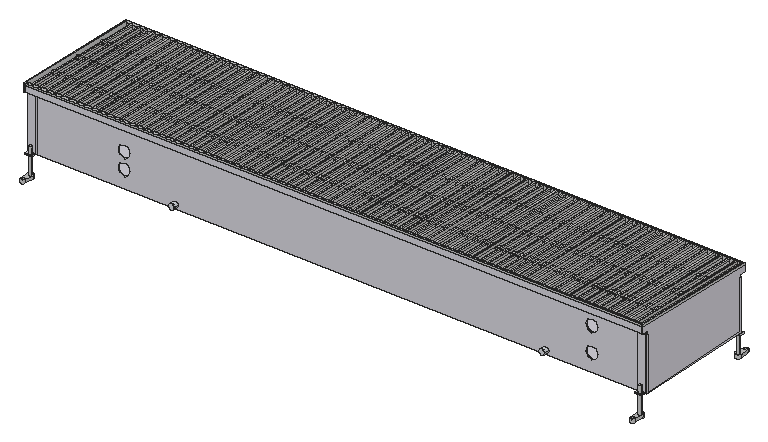
Revit family "CFP-ECM 4T", category Attrezzatura meccanica, Revit 2017
Family settings
  Quota connettore circolare = Usa diametro
  Tipo di parte = Normale
  Basato su piano di lavoro = Sì
  Sempre verticale = Sì
  Taglio con vuoti quando caricato = Sì
  Condiviso = No
  Punto di calcolo locali = No
Parameters (values of type "CFP-ECM 1700-175-350")
  wasteDistanceSX [instance] = size_lookup(data, "WasteSx", 0.00 mm, size)  # 405.00 mm
  wasteDistanceDX [instance] = size_lookup(data, "WasteDx", 0.00 mm, size)  # 280.00 mm
  waste H = 10.00 mm  # constant formula
  sp_bordo [instance] = size_lookup(data, "sp_bordo", 0.00 mm, size)  # 1.00 mm
  size = 1700175
  pole number [instance] = 2
  numer Motor EC [instance] = size_lookup(data, "Motor EC number", 0, size)  # 1
  maximum absorbed electric current [instance] = size_lookup(data, "MaxAbsElectricCurrent", 0 mA, size)  # 1500 mA
  diam Waste [instance] = 15.00 mm  # constant formula
  data [instance] = "CFPData"  # constant formula
  angle-Battery [instance] = if(T = 330.00 mm, 2.00°, 9.00°)  # 9.00°
  Waste Water Flow [instance] = 0.0 L/s
  Voltage [instance] = 220 V
  T2 [instance] = size_lookup(data, "T2", 0.00 mm, size)  # 54.00 mm
  T-battery [instance] = T - (T * 0.5)  # 175.00 mm
  sosFermoH [instance] = H - 30.00 mm  # 145.00 mm
  outlet [instance] = size_lookup(data, "outlet", 0", size)  # 3/4"
  inlet [instance] = size_lookup(data, "inlet", 0", size)  # 3/4"
  ingombro T [instance] = T + 55.00 mm  # 405.00 mm
  grill = griglia
  fermi = plastic
  dist T fermo = 6.25 mm  # constant formula
  dist L fermo = 12.75 mm  # constant formula
  diam attacchi SX [instance] = size_lookup(data, "DiamAttacchiSX", 0.00 mm, size)  # 33.00 mm
  diam attacchi DX [instance] = size_lookup(data, "DiamAttacchiDX", 0.00 mm, size)  # 19.00 mm
  body = metallo
  T-grill [instance] = T - (5.50 mm * 2)  # 339.00 mm
  T-33 [instance] = T - 33.00 mm  # 317.00 mm
  T-Laterale [instance] = T - 3.00 mm  # 347.00 mm
  Supply Heating [instance] = 0.0 L/s
  Supply Cooling [instance] = 0.0 L/s
  Return Heating [instance] = 0.0 L/s
  Return Cooling [instance] = 0.0 L/s
  Produttore = "Sabiana s.r.l."  # constant formula
  T3 [instance] = size_lookup(data, "T3", 0.00 mm, size)  # 170.00 mm
  Pressure Drop Heating [instance] = 0.0 Pa
  Pressure Drop Cooling [instance] = 0.0 Pa
  Modello = "CFP-ECM Frontal Connections"  # constant formula
  Max absortion Power [instance] = size_lookup(data, "MaxAbsPower", 0 W, size)  # 36 W
  Max Air Flow [instance] = size_lookup(data, "MaxAirFlow", 0.0 m³/h, size)  # 1200.0 m³/h
  Lwaste = 14.00 mm  # constant formula
  L-grill [instance] = L - (5.50 mm * 2)  # 1689.00 mm
  L-battery [instance] = if(L < 2999.00 mm, L - 473.00 mm, L - 555.00 mm)  # 1227.00 mm
  H6 [instance] = size_lookup(data, "H6", 0.00 mm, size)  # 79.00 mm
  H5 [instance] = size_lookup(data, "H5", 0.00 mm, size)  # 127.00 mm
  H4 [instance] = size_lookup(data, "H4", 0.00 mm, size)  # 84.00 mm
  H3 [instance] = size_lookup(data, "H3", 0.00 mm, size)  # 128.00 mm
  H1a [instance] = if(H1 < 2.00 mm, 3.00 mm, if(H1 > 50.00 mm, 50.00 mm, H1))  # 50.00 mm
  H1 [instance] = 50.00 mm
  H-battery [instance] = H - (H * 0.35)  # 113.75 mm
  H [instance] = size_lookup(data, "H", 0.00 mm, size)  # 175.00 mm
  L [instance] = size_lookup(data, "L", 0.00 mm, size)  # 1700.00 mm
  T [instance] = size_lookup(data, "T", 0.00 mm, size)  # 350.00 mm
  Prospetto di default = 1219.20 mm
  Grill [instance] = yes
  FrontalHoleAxisDistanceDx [instance] = size_lookup(data, "FrontalHoleAxisDistanceDx", 0.00 mm, size)  # 151.00 mm
  FrontalHoleAxisDistanceSx [instance] = size_lookup(data, "FrontalHoleAxisDistanceSx", 0.00 mm, size)  # 265.00 mm
  Fan Number [instance] = size_lookup(data, "Fan Number", 0, size)  # 2
  Dist_Outlet [instance] = ((L - [L-battery]) / 2) - 155.00 mm  # 81.50 mm
  Dist_Inlet [instance] = ((L - [L-battery]) / 2) - 105.00 mm  # 131.50 mm
  AttachDxAxis [instance] = 60.00 mm  # constant formula
  AttachDx2 [instance] = 150.00 mm  # constant formula
  AttachDx1 [instance] = 100.00 mm  # constant formula
  Absorption Power [instance] = 9.2 VA
Types (14, lengths in mm): name | wasteDistanceSX | wasteDistanceDX | size | numer Motor EC | maximum absorbed electric current | angle-Battery | T2 | T-battery | sosFermoH | ingombro T | T-grill | T-33 | T-Laterale | T3 | Max absortion Power | Max Air Flow | L-grill | L-battery | H6 | H5 | H4 | H3 | H1a | H1 | H-battery | H | L | T | FrontalHoleAxisDistanceDx | FrontalHoleAxisDistanceSx | Fan Number | Dist_Outlet | Dist_Inlet
  CFP-ECM 1200-175-350 | 380.00 | 255.00 | 1200175 | 1 | 850 mA | 9.00° | 54.00 | 175.00 | 145.00 | 405.00 | 339.00 | 317.00 | 347.00 | 170.00 | 20 W | 650.0 m³/h | 1189.00 | 727.00 | 79.00 | 127.00 | 84.00 | 128.00 | 50.00 | 50.00 | 113.75 | 175.00 | 1200.00 | 350.00 | 126.00 | 240.00 | 1 | 81.50 | 131.50
  CFP-ECM 900-130-330 | 310.00 | 171.00 | 900130 | 1 | 625 mA | 2.00° | 68.00 | 165.00 | 100.00 | 385.00 | 319.00 | 297.00 | 327.00 | 166.00 | 15 W | 300.0 m³/h | 889.00 | 427.00 | 63.00 | 86.00 | 61.00 | 101.00 | 20.00 | 20.00 | 84.50 | 130.00 | 900.00 | 330.00 | 129.00 | 267.00 | 1 | 81.50 | 131.50
  CFP-ECM 1200-130-330 | 324.00 | 185.00 | 1200130 | 1 | 810 mA | 2.00° | 68.00 | 165.00 | 100.00 | 385.00 | 319.00 | 297.00 | 327.00 | 166.00 | 19 W | 390.0 m³/h | 1189.00 | 727.00 | 63.00 | 86.00 | 61.00 | 101.00 | 30.00 | 30.00 | 84.50 | 130.00 | 1200.00 | 330.00 | 142.00 | 281.00 | 2 | 81.50 | 131.50
  CFP-ECM 1000-175-350 | 380.00 | 255.00 | 1000175 | 1 | 750 mA | 9.00° | 54.00 | 175.00 | 145.00 | 405.00 | 339.00 | 317.00 | 347.00 | 170.00 | 18 W | 600.0 m³/h | 989.00 | 527.00 | 79.00 | 127.00 | 84.00 | 128.00 | 50.00 | 50.00 | 113.75 | 175.00 | 1000.00 | 350.00 | 126.00 | 240.00 | 1 | 81.50 | 131.50
  CFP-ECM 1400-130-330 | 334.00 | 195.00 | 1400130 | 1 | 860 mA | 2.00° | 68.00 | 165.00 | 100.00 | 385.00 | 319.00 | 297.00 | 327.00 | 166.00 | 21 W | 443.0 m³/h | 1389.00 | 927.00 | 63.00 | 86.00 | 61.00 | 101.00 | 50.00 | 50.00 | 84.50 | 130.00 | 1400.00 | 330.00 | 152.00 | 291.00 | 3 | 81.50 | 131.50
  CFP-ECM 1400-175-350 | 380.00 | 255.00 | 1400175 | 1 | 1000 mA | 9.00° | 54.00 | 175.00 | 145.00 | 405.00 | 339.00 | 317.00 | 347.00 | 170.00 | 24 W | 690.0 m³/h | 1389.00 | 927.00 | 79.00 | 127.00 | 84.00 | 128.00 | 50.00 | 50.00 | 113.75 | 175.00 | 1400.00 | 350.00 | 126.00 | 240.00 | 1 | 81.50 | 131.50
  CFP-ECM 1700-130-330 | 317.00 | 178.00 | 1700130 | 1 | 920 mA | 2.00° | 68.00 | 165.00 | 100.00 | 385.00 | 319.00 | 297.00 | 327.00 | 166.00 | 22 W | 4700.0 m³/h | 1689.00 | 1227.00 | 63.00 | 86.00 | 61.00 | 101.00 | 50.00 | 50.00 | 84.50 | 130.00 | 1700.00 | 330.00 | 136.00 | 275.00 | 3 | 81.50 | 131.50
  CFP-ECM 1700-175-350 | 405.00 | 280.00 | 1700175 | 1 | 1500 mA | 9.00° | 54.00 | 175.00 | 145.00 | 405.00 | 339.00 | 317.00 | 347.00 | 170.00 | 36 W | 1200.0 m³/h | 1689.00 | 1227.00 | 79.00 | 127.00 | 84.00 | 128.00 | 50.00 | 50.00 | 113.75 | 175.00 | 1700.00 | 350.00 | 151.00 | 265.00 | 2 | 81.50 | 131.50
  CFP-ECM 2000-130-330 | 322.00 | 183.00 | 2000130 | 2 | 1620 mA | 2.00° | 68.00 | 165.00 | 100.00 | 385.00 | 319.00 | 297.00 | 327.00 | 166.00 | 39 W | 780.0 m³/h | 1989.00 | 1527.00 | 63.00 | 86.00 | 61.00 | 101.00 | 50.00 | 50.00 | 84.50 | 130.00 | 2000.00 | 330.00 | 141.00 | 280.00 | 4 | 81.50 | 131.50
  CFP-ECM 2000-175-350 | 405.00 | 280.00 | 2000175 | 2 | 1650 mA | 9.00° | 54.00 | 175.00 | 145.00 | 405.00 | 339.00 | 317.00 | 347.00 | 170.00 | 40 W | 1280.0 m³/h | 1989.00 | 1527.00 | 79.00 | 127.00 | 84.00 | 128.00 | 50.00 | 50.00 | 113.75 | 175.00 | 2000.00 | 350.00 | 151.00 | 265.00 | 2 | 81.50 | 131.50
  CFP-ECM 2500-130-330 | 316.00 | 177.00 | 2500130 | 2 | 1730 mA | 2.00° | 68.00 | 165.00 | 100.00 | 385.00 | 319.00 | 297.00 | 327.00 | 166.00 | 42 W | 884.0 m³/h | 2489.00 | 2027.00 | 63.00 | 86.00 | 61.00 | 101.00 | 50.00 | 50.00 | 84.50 | 130.00 | 2500.00 | 330.00 | 134.00 | 273.00 | 5 | 81.50 | 131.50
  CFP-ECM 2500-175-350 | 455.00 | 330.00 | 2500175 | 3 | 2350 mA | 9.00° | 54.00 | 175.00 | 145.00 | 405.00 | 339.00 | 317.00 | 347.00 | 170.00 | 56 W | 1860.0 m³/h | 2489.00 | 2027.00 | 79.00 | 127.00 | 84.00 | 128.00 | 50.00 | 50.00 | 113.75 | 175.00 | 2500.00 | 350.00 | 201.00 | 315.00 | 3 | 81.50 | 131.50
  CFP-ECM 3000-130-330 | 309.00 | 170.00 | 3000130 | 2 | 1840 mA | 2.00° | 68.00 | 165.00 | 100.00 | 385.00 | 319.00 | 297.00 | 327.00 | 166.00 | 44 W | 940.0 m³/h | 2989.00 | 2445.00 | 63.00 | 86.00 | 61.00 | 101.00 | 50.00 | 50.00 | 84.50 | 130.00 | 3000.00 | 330.00 | 128.00 | 267.00 | 6 | 122.50 | 172.50
  CFP-ECM 3000-175-350 | 380.00 | 255.00 | 3000175 | 3 | 2700 mA | 9.00° | 54.00 | 175.00 | 145.00 | 405.00 | 339.00 | 317.00 | 347.00 | 170.00 | 65 W | 1990.0 m³/h | 2989.00 | 2445.00 | 79.00 | 127.00 | 84.00 | 128.00 | 50.00 | 50.00 | 113.75 | 175.00 | 3000.00 | 350.00 | 126.00 | 240.00 | 3 | 122.50 | 172.50
Reference planes
  plane 1 "Centro (Fronte/Retro)": y = 0
  plane 2: z = 0
  plane 3 "Centro (Sinistra/Destra)": x = 0
  plane 4: y = 175
  plane 5: y = -175
  plane 6: x = -850
  plane 7: x = 850
  plane 8 "base": z = -175
  plane 9 "inlet": x = -800
  plane 10 "outlet": x = -795
  plane 11: z = -61
  plane 12: x = 806
  plane 13: x = 756
  plane 14: z = -48
  plane 15: z = -225
  plane 16: y = 158.5
  plane 17: y = -158.5
  plane 18: x = 706
  plane 19: x = -848
  plane 20: x = 848
  plane 21 "fermoSX": x = -837.25
  plane 22 "fermo_interior side": y = -168.75
  plane 23 "fermo_windowside": y = 168.75
  plane 24 "fermo DX": x = 837.25
  plane 25: y = -176
  plane 26: y = 176
  plane 27: z = 30
  plane 28: x = -851
  plane 29: x = 851
  plane 30: y = -202.5
  plane 31: y = 202.5
  plane 32: z = -25
  plane 33 "battery SX": x = -613.5
  plane 34 "battery DX": x = 613.5
  plane 35 "asseFan": y = -87.5
  plane 36: z = -110
  plane 37: z = -100
  plane 38: z = -127
  plane 39: y = 5
  plane 40: z = -79
  plane 41: y = 121
  plane 42 "waste SX": x = -446
  plane 43 "waste DX": x = 571
  plane 44 "waste H": z = -165
  plane 45: y = -172.5
  plane 46 "FrontalHoleAxis": x = -586
  plane 47: z = -84
  plane 48: z = -128
  plane 49 "AttacchiDXAxis": z = -60
  plane 50 "AttachDxDist1": x = 750
  plane 51 "AttachDxDist2": x = 700
  plane 52: x = 699
Forms (mm)
  Sweep 1, solid, material "metallo" <- "body"
    path origin (0, 0, 0) x (1, 0, 0) y (0, 1, 0)
      loop
        line (-848, 175) -> (849, 175)
    profile "profilo angolo alto : Famiglia1" origin (0.5, 175, 0) x (0, 1, 0) y (0, 0, 1)
      loop
        line (-15.25, -30.3) -> (-15.25, -22) -> (-1.5, -22) -> (-1.5, -2) -> (-2.75, -2) -> (-2.75, -20.75) -> (-16.5, -20.75) -> (-16.5, -30.3) -> (-15.25, -30.3)
  Sweep 2, solid, material "metallo" <- "body"
    path origin (0, 0, 0) x (1, 0, 0) y (0, 1, 0)
      loop
        line (-848, -175) -> (848, -175)
    profile "profilo angolo alto : Famiglia1" origin (0, -175, 0) x (0, 1, 0) y (0, 0, 1)
      loop
        line (15.25, -30.3) -> (16.5, -30.3) -> (16.5, -20.75) -> (2.75, -20.75) -> (2.75, -2) -> (1.5, -2) -> (1.5, -22) -> (15.25, -22) -> (15.25, -30.3)
  Extrusion 3, solid, material "metallo" <- "body"
    sketch origin (0, 0, 0) x (0, 1, 0) y (0, 0, 1)
      loop
        line (-159.75, -30.3) -> (-159.75, -175.039) -> (159.75, -164.961) -> (159.75, -30.3) -> (158.5, -30.3) -> (158.5, -163.749) -> (-158.5, -173.749) -> (-158.5, -30.3) -> (-159.75, -30.3)
    from -850 to 850
  Sweep 4, solid, material "plastic" <- "fermi"
    path origin (0, 0, 0) x (1, 0, 0) y (0, 1, 0)
      loop
        line (-850, 175) -> (-850, -175) -> (850, -175) -> (850, 175) -> (-850, 175)
    profile "profilobordo : profilobordo" origin (850, 0, 0) x (1, 0, 0) y (0, 0, 1)
      loop
        line (-4.5, 0) -> (-4.5, -19) -> (-3.3, -19) -> (-3.3, -1.2) -> (-1.2, -1.2) -> (-1.2, -5) -> (0, -5) -> (0, 0) -> (-4.5, 0)
  Extrusion 5, void
    sketch origin (0, 0, 0) x (0, 1, 0) y (0, 0, 1)
      loop
        line (202.5, -233) -> (202.5, -25) -> (176, -25) -> (176, 30) -> (-176, 30) -> (-176, -25) -> (-202.5, -25) -> (-202.5, -233) -> (202.5, -233)
    from -851 to 851
  Extrusion 6, solid
    sketch origin (0, 0, 0) x (1, 0, 0) y (0, 0, 1)
      loop
        circle (-446, -165) r 7.5
    from 158.5 to 172.5
  Extrusion 7, solid
    sketch origin (2870, 0, 0) x (1, 0, 0) y (0, 0, 1)
      loop
        circle (-2299, -165) r 7.5
    from 158.5 to 172.5
  Extrusion 8, void
    sketch origin (0, 0, 0) x (1, 0, 0) y (0, 0, 1)
      loop
        circle (-586, -84) r 16.5
      loop
        circle (-586, -128) r 16.5
    from 87.5 to 202.5
  Extrusion 9, solid
    sketch origin (0, 0, 0) x (1, 0, 0) y (0, 0, 1)
      loop
        circle (-586, -84) r 9.525
    from 0 to 87.5
  Extrusion 10, solid
    sketch origin (0, 0, 0) x (1, 0, 0) y (0, 0, 1)
      loop
        circle (-586, -128) r 9.525
    from 0 to 87.5
  Extrusion 11, void
    sketch origin (0, 0, 0) x (-1, 0, 0) y (0, 0, -1)
      loop
        circle (-699, 61) r 16.5
      loop
        circle (-699, 128) r 16.5
    from 87.5 to 202.5
  Extrusion 12, solid
    sketch origin (0, 0, 0) x (-1, 0, 0) y (0, 0, -1)
      loop
        circle (-699, 61) r 9.525
    from 0 to 87.5
  Extrusion 13, solid
    sketch origin (0, 0, 0) x (-1, 0, 0) y (0, 0, -1)
      loop
        circle (-699, 128) r 9.525
    from 0 to 87.5
Cuts and joins
  Extrusion 8, Extrusion 11 cuts Extrusion 3
  joined: Sweep 1, Sweep 2, Extrusion 3
  Extrusion 11 cuts Extrusion 9
  Extrusion 11 cuts Extrusion 10
Lines and regions (mm)
  symbolic lines, not visible
    curve 1: line (-427.323, -43.323, -110) -> (-439.151, -60.216, -110)
    curve 2: line (-439.151, -60.216, -110) -> (-414.151, -60.216, -110)
    curve 3: line (-414.151, -60.216, -110) -> (-427.323, -43.323, -110)
Dimensions and locks
  "H": level to plane 8 "base"
  equal spacing: plane 6, plane 3 "Centro (Sinistra/Destra)", plane 7
  "L": plane 6 to plane 7
  locked: level to plane 11 at 61
  locked: plane 12 to plane 18 at 100
  locked: plane 2 to plane 14 at 48
  equal spacing: plane 4, plane 1 "Centro (Fronte/Retro)", plane 5
  "T": plane 4 to plane 5
  equal spacing: plane 16, plane 1 "Centro (Fronte/Retro)", plane 17
  "T-33": plane 16 to plane 17
  "H1a": plane 8 "base" to plane 15
  equal spacing: plane 12, plane 13, plane 18
  locked: plane 7 to plane 12 at 44
  locked: plane 6 to plane 19 at 2
  locked: plane 20 to plane 7 at 2
  "dist T fermo": plane 5 to plane 22 "fermo_interior side"
  "dist T fermo": plane 4 to plane 23 "fermo_windowside"
  "dist L fermo": plane 6 to plane 21 "fermoSX"
  "dist L fermo": plane 24 "fermo DX" to plane 7
  "sp_bordo": plane 26 to plane 4
  "sp_bordo": plane 5 to plane 25
  locked: plane 27 to level at 30
  "sp_bordo": plane 6 to plane 28
  "ingombro T": plane 30 to plane 31
  equal spacing: plane 30, plane 1 "Centro (Fronte/Retro)", plane 31
  locked: level to plane 32 at 25
  "sp_bordo": plane 29 to plane 7
  equal spacing: plane 33 "battery SX", plane 3 "Centro (Sinistra/Destra)", plane 34 "battery DX"
  "L-battery": plane 33 "battery SX" to plane 34 "battery DX"
  equal spacing: plane 1 "Centro (Fronte/Retro)", plane 35 "asseFan", plane 5
  locked: plane 6 to plane 9 "inlet" at 50
  locked: plane 6 to plane 10 "outlet" at 55
  locked: plane 36 to plane 37 at 10
  "H5": level to plane 38
  "H6": level to plane 40
  "T3": plane 4 to plane 39
  "T2": plane 4 to plane 41
  "wasteDistanceSX": plane 28 to plane 42 "waste SX"
  "wasteDistanceDX": plane 43 "waste DX" to plane 29
  "waste H": plane 44 "waste H" to plane 8 "base"
  "Lwaste": plane 17 to plane 45
  "FrontalHoleAxisDistanceSx": plane 46 "FrontalHoleAxis" to plane 28
  "H4": level to plane 47
  "H3": level to plane 48
  "AttachDx2": plane 51 "AttachDxDist2" to plane 7
  "AttachDx1": plane 50 "AttachDxDist1" to plane 7
  "AttachDxAxis": level to plane 49 "AttacchiDXAxis"
  "FrontalHoleAxisDistanceDx": plane 52 to plane 7
  "diam Waste": diameter of Extrusion 6 sketch curve
  "diam Waste": diameter of Extrusion 7 sketch curve
  "diam attacchi SX": diameter of Extrusion 8 sketch curve  (x2)
  "inlet": diameter of Extrusion 9 sketch curve
  "outlet": diameter of Extrusion 10 sketch curve
  "diam attacchi SX": diameter of Extrusion 11 sketch curve  (x2)
  "inlet": diameter of Extrusion 12 sketch curve
  "outlet": diameter of Extrusion 13 sketch curve
  aligned and locked: level to plane 2
  aligned and locked: Sweep 1 sketch curve to plane 4
  aligned and locked: plane 5 to Sweep 2 sketch curve
  aligned and locked: plane 19 to Sweep 1 sketch curve
  aligned and locked: plane 19 to Sweep 2 sketch curve
  aligned and locked: text3d elem to plane 19
  aligned and locked: plane 1 "Centro (Fronte/Retro)" to nested 1
  aligned and locked: plane 3 "Centro (Sinistra/Destra)" to nested 1
  aligned and locked: plane 2 to nested 1
  aligned and locked: Sweep 4 sketch curve to plane 4
  aligned and locked: plane 6 to Sweep 4 sketch curve
  aligned and locked: Sweep 2 to Extrusion 3
  aligned and locked: Extrusion 3 to Sweep 2  (x2)
  aligned and locked: level to nested 2
  aligned and locked: plane 20 to text3d elem
  aligned and locked: nested 2 to plane 1 "Centro (Fronte/Retro)"
  aligned and locked: plane 20 to Sweep 2 sketch curve
  aligned and locked: plane 20 to nested 2
  aligned and locked: Extrusion 5 to plane 28
  aligned and locked: plane 29 to Extrusion 5
  aligned and locked: plane 27 to Extrusion 5
  aligned and locked: nested 5 to plane 23 "fermo_windowside"
  aligned and locked: nested 6 to plane 22 "fermo_interior side"
  aligned and locked: plane 22 "fermo_interior side" to nested 4
  aligned and locked: plane 24 "fermo DX" to nested 6
  aligned and locked: nested 5 to plane 24 "fermo DX"
  aligned and locked: plane 21 "fermoSX" to nested 4
  aligned and locked: plane 35 "asseFan" to nested 7
  aligned and locked: plane 11 to nested 7
  aligned and locked: nested 11 to plane 24 "fermo DX"
  aligned and locked: plane 24 "fermo DX" to nested 10
  aligned and locked: plane 21 "fermoSX" to nested 9
  aligned and locked: nested 8 to plane 21 "fermoSX"
  aligned and locked: nested 10 to plane 8 "base"
  aligned and locked: nested 9 to plane 8 "base"
  aligned and locked: nested 11 to plane 8 "base"
  aligned and locked: nested 8 to plane 8 "base"
  aligned and locked: plane 4 to nested 9
  aligned and locked: plane 5 to nested 11
  aligned and locked: plane 5 to nested 8
  aligned and locked: plane 4 to nested 10
  aligned and locked: plane 15 to nested 6
  aligned and locked: nested 4 to plane 15
  aligned and locked: plane 15 to nested 3
  aligned and locked: nested 5 to plane 15
  aligned and locked: Extrusion 5 to nested 3
  aligned and locked: nested 12 to plane 4
  aligned and locked: nested 12 to plane 7
  aligned and locked: level to nested 12
  aligned and locked: nested 3 to plane 21 "fermoSX"
  aligned and locked: plane 42 "waste SX" to Extrusion 6 sketch curve
  aligned and locked: plane 44 "waste H" to Extrusion 6 sketch curve
  aligned and locked: plane 17 to Extrusion 6
  aligned and locked: plane 45 to Extrusion 6
  aligned and locked: plane 44 "waste H" to Extrusion 7 sketch curve
  aligned and locked: plane 43 "waste DX" to Extrusion 7 sketch curve
  aligned and locked: plane 17 to Extrusion 7
  aligned and locked: plane 45 to Extrusion 7
  aligned and locked: plane 3 "Centro (Sinistra/Destra)" to nested 7
  aligned and locked: nested 13 to level
  aligned and locked: Extrusion 8 to plane 30
  aligned and locked: Extrusion 8 to plane 35 "asseFan"
  aligned and locked: plane 46 "FrontalHoleAxis" to Extrusion 9 sketch curve
  aligned and locked: plane 47 to Extrusion 9 sketch curve
  aligned and locked: plane 46 "FrontalHoleAxis" to Extrusion 10 sketch curve
  aligned and locked: Extrusion 10 sketch curve to plane 48
  aligned and locked: Extrusion 8 sketch curve to plane 48
  aligned and locked: plane 46 "FrontalHoleAxis" to Extrusion 8 sketch curve  (x2)
  aligned and locked: plane 47 to Extrusion 8 sketch curve
  aligned and locked: plane 35 "asseFan" to Extrusion 9
  aligned and locked: plane 35 "asseFan" to Extrusion 10
  aligned and locked: Extrusion 9 to plane 1 "Centro (Fronte/Retro)"
  aligned and locked: Extrusion 10 to plane 1 "Centro (Fronte/Retro)"
  aligned and locked: nested 13 to plane 19
  aligned and locked: plane 52 to Extrusion 11 sketch curve  (x2)
  aligned and locked: Extrusion 11 sketch curve to plane 48
  aligned and locked: plane 11 to Extrusion 11 sketch curve
  aligned and locked: plane 11 to Extrusion 12 sketch curve
  aligned and locked: plane 52 to Extrusion 13 sketch curve
  aligned and locked: plane 48 to Extrusion 13 sketch curve
  aligned and locked: nested 7 to Extrusion 13
  aligned and locked: nested 7 to Extrusion 12
  aligned and locked: Extrusion 13 to plane 1 "Centro (Fronte/Retro)"
  aligned and locked: Extrusion 12 to plane 1 "Centro (Fronte/Retro)"
  aligned and locked: Extrusion 3 to plane 7
  aligned and locked: Extrusion 3 to plane 6
Automatic sketch dimensions
  plane 7 to Sweep 1 sketch curve = 1.00 mm
  Extrusion 3 sketch curve to plane 8 "base" = 0.039 mm
  Extrusion 3 sketch curve to plane 17 = 1.25 mm
  plane 17 to Extrusion 3 sketch curve = 0.00 mm
  plane 16 to Extrusion 3 sketch curve = 0.00 mm
  plane 44 "waste H" to Extrusion 3 sketch curve = 0.039 mm
  Extrusion 3 sketch curve to plane 16 = 1.25 mm
  plane 8 "base" to Extrusion 3 sketch curve = 1.251 mm
  plane 44 "waste H" to Extrusion 3 sketch curve = 1.251 mm
  Extrusion 3 sketch curve to plane 32 = 5.30 mm  (x2)
  plane 5 to Sweep 4 sketch curve = 0.00 mm
  Sweep 4 sketch curve to plane 7 = 0.00 mm
  Extrusion 5 sketch curve to plane 30 = 0.00 mm
  Extrusion 5 sketch curve to plane 25 = 0.00 mm
  Extrusion 5 sketch curve to plane 26 = 0.00 mm
  Extrusion 5 sketch curve to plane 31 = 0.00 mm
  Extrusion 5 sketch curve to plane 32 = 0.00 mm  (x2)
  Extrusion 5 sketch curve to plane 27 = 0.00 mm
  Extrusion 5 sketch curve to plane 15 = 8.00 mm
  plane 52 to Extrusion 12 sketch curve = 0.00 mm
Nested families
  nested 1: "griglia1" at (0, 0, 0), visible <- "Grill", type "griglia1"
    with T 339.00 mm, N traversine 82, L 1689.00 mm
  nested 2: "laterale" at (848.65, 0, 0) x (0, 1, 0) z (0, 0, 1), type "laterale"
    with T 350.00 mm, H lato corto 165.00 mm, H 175.00 mm
  nested 3: "fermo" at (-837.25, 168.75, -225) x (-1, 0, 0) z (0, 0, 1), type "fermo"
  nested 4: "fermo" at (-837.25, -168.75, -225) x (-1, 0, 0) z (0, 0, 1), type "fermo"
  nested 5: "fermo" at (837.25, 168.75, -225), type "fermo"
  nested 6: "fermo" at (837.25, -168.75, -225), type "fermo"
  nested 7: "Fan1" at (0, -87.5, -61), type "Fan1"
    with diamFanMezzi 25.00 mm, diamFan 50.00 mm, L tot 1227.00 mm, FanLbocca 35.00 mm
  nested 8: "supporto fermo" at (-837.25, -160, -30) x (0, -1, 0) z (0, 0, 1), type "supporto fermo"
    with H 145.00 mm
  nested 9: "supporto fermo" at (-837.25, 160, -30) x (0, 1, 0) z (0, 0, 1), type "supporto fermo"
    with H 145.00 mm
  nested 10: "supporto fermo" at (837.25, 160, -30) x (0, 1, 0) z (0, 0, 1), type "supporto fermo"
    with H 145.00 mm
  nested 11: "supporto fermo" at (837.25, -160, -30) x (0, -1, 0) z (0, 0, 1), type "supporto fermo"
    with H 145.00 mm
  nested 12: "scatolaEletric" at (850, 175, 0), type "ScatolaEletric"
    with cassetta Z 145.00 mm, cassetta X 175.00 mm, H dal piano 18.00 mm, H attacchi 48.00 mm
  nested 13: "laterale" at (-848.65, 0, 0) x (0, 1, 0) z (0, 0, 1), type "laterale"
    with T 350.00 mm, H lato corto 165.00 mm, H 175.00 mm
Connectors
  electrical at (756, -28, -48), driven by "Max absortion Power", driven by "Voltage", driven by "Absorption Power", driven by "pole number"
    settings: on nested 12, index 3, voltage 220 V, apparent load 36 VA, apparent load phase1 9.2 VA, apparent load phase2 0 VA, apparent load phase3 0 VA, power factor 1, load classification "Alimentazione", number of poles 2, system type 31, power factor state 1, is connector primary yes, connector utility no, sub classification motor no, connector description ""
  piping at (-446, -172.5, -165), diameter 15, driven by "diam Waste", driven by "Waste Water Flow"
    settings: on Extrusion 6, index 7, connector inside diameter 24", connector length 0.00 mm, flow factor 0, pipe flow 0.0 L/s, pressure drop 0.0 Pa, fitting loss kfactor 0, connector angle 0.00°, fixture units 0, engagement length 0.00 mm, angle of deflection 0.00°, flow configuration 1, flow direction 2, fitting loss method 0, system type 16, joint type 0, gender type 0, connector reference index -1, connector utility 0, adjustable connector no, is connector primary yes, connector description "Waste Sx"
  piping at (571, -172.5, -165), diameter 15, driven by "diam Waste"
    settings: on Extrusion 7, index 8, connector inside diameter 24", connector length 0.00 mm, flow factor 0, pipe flow 0.0 L/s, pressure drop 0.0 Pa, fitting loss kfactor 0, connector angle 0.00°, fixture units 0, engagement length 0.00 mm, angle of deflection 0.00°, flow configuration 1, flow direction 2, fitting loss method 0, system type 16, joint type 0, gender type 0, connector reference index -1, connector utility 0, adjustable connector no, is connector primary no, connector description "Waste Dx"
  piping at (-586, -87.5, -84), diameter 19.05, driven by "inlet", driven by "Supply Heating"
    settings: on Extrusion 9, index 9, connector inside diameter 24", connector length 0.00 mm, flow factor 0, pipe flow 0.0 L/s, pressure drop 0.0 Pa, fitting loss kfactor 0, connector angle 0.00°, fixture units 0, engagement length 0.00 mm, angle of deflection 0.00°, flow configuration 1, flow direction 1, fitting loss method 0, system type 7, joint type 0, gender type 0, connector reference index -1, connector utility 0, adjustable connector no, is connector primary no, connector description "Supply Heating"
  piping at (-586, -87.5, -128), diameter 19.05, driven by "Return Heating", driven by "outlet", driven by "Pressure Drop Heating"
    settings: on Extrusion 10, index 10, connector inside diameter 24", connector length 0.00 mm, flow factor 0, pipe flow 0.0 L/s, pressure drop 0.0 Pa, fitting loss kfactor 0, connector angle 0.00°, fixture units 0, engagement length 0.00 mm, angle of deflection 0.00°, flow configuration 1, flow direction 2, fitting loss method 4, system type 8, joint type 0, gender type 0, connector reference index -1, connector utility 0, adjustable connector no, is connector primary no, connector description "Return Heating"
  piping at (699, -87.5, -61), diameter 19.05, driven by "inlet", driven by "Supply Cooling"
    settings: on Extrusion 12, index 11, connector inside diameter 24", connector length 0.00 mm, flow factor 0, pipe flow 0.0 L/s, pressure drop 0.0 Pa, fitting loss kfactor 0, connector angle 0.00°, fixture units 0, engagement length 0.00 mm, angle of deflection 0.00°, flow configuration 1, flow direction 1, fitting loss method 0, system type 7, joint type 0, gender type 0, connector reference index -1, connector utility 0, adjustable connector no, is connector primary no, connector description "Supply Cooling"
  piping at (699, -87.5, -128), diameter 19.05, driven by "Return Cooling", driven by "Pressure Drop Cooling", driven by "outlet"
    settings: on Extrusion 13, index 12, connector inside diameter 24", connector length 0.00 mm, flow factor 0, pipe flow 0.0 L/s, pressure drop 0.0 Pa, fitting loss kfactor 0, connector angle 0.00°, fixture units 0, engagement length 0.00 mm, angle of deflection 0.00°, flow configuration 1, flow direction 2, fitting loss method 4, system type 8, joint type 0, gender type 0, connector reference index -1, connector utility 0, adjustable connector no, is connector primary no, connector description "Return Cooling"
Definition of nested family "griglia1"
  Parameters (values of type "griglia1")
    materiale = none
    diam centro = 10.00 mm
    centro_H da piano = 12.00 mm
    T = 185.00 mm
    N traversine = L / 20.50 mm  # 134
    L = 2750.00 mm
    H dal bordo = 14.20 mm
  Reference planes
    plane 1 "Centro (Fronte/Retro)": y = 0
    plane 2 "top Griglia": z = 0
    plane 3 "Centro (Sinistra/Destra)": x = 0
    plane 4: x = -1375
    plane 5: x = 1375
    plane 6: y = 92.5
    plane 7: y = -92.5
    plane 8: x = 0
    plane 9: y = 46.25
    plane 10: y = -46.25
    plane 11: z = -12
  Forms (mm)
    Extrusion 1, solid, material <- "materiale"
      sketch origin (0, 0, 0) x (0, 1, 0) y (0, 0, 1)
        loop
          circle (46.25, -12) r 5
        loop
          circle (0, -12) r 5
        loop
          circle (-46.25, -12) r 5
      from -1375 to 1375
  Dimensions and locks
    equal spacing: plane 6, plane 1 "Centro (Fronte/Retro)", plane 7
    equal spacing: plane 4, plane 3 "Centro (Sinistra/Destra)", plane 5
    "L": plane 4 to plane 5
    "T": plane 6 to plane 7
    "centro_H da piano": level to plane 11
    "H dal bordo": plane 4 to nested 1
    equal spacing: group 2, group 4, group 5, group 6, group 7, group 8, group 9, group 10, group 11, group 12, group 13, group 14, group 15, group 16, group 17, group 18, group 19, group 20, group 21, group 22, group 23, group 24, group 25, group 26, group 27, group 28, group 29, group 30, group 31, group 32, group 33, group 34, group 35, group 36, group 37, group 38, group 39, group 40, group 41, group 42, group 43, group 44, group 45, group 46, group 47, group 48, group 49, group 50, group 51, group 52, group 53, group 54, group 55, group 56, group 57, group 58, group 59, group 60, group 61, group 62, group 63, group 64, group 65, group 66, group 67, group 68, group 69, group 70, group 71, group 72, group 73, group 74, group 75, group 76, group 77, group 78, group 79, group 80, group 81, group 82, group 83, group 84, group 85, group 86, group 87, group 88, group 89, group 90, group 91, group 92, group 93, group 94, group 95, group 96, group 97, group 98, group 99, group 100, group 101, group 102, group 103, group 104, group 105, group 106, group 107, group 108, group 109, group 110, group 111, group 112, group 113, group 114, group 115, group 116, group 117, group 118, group 119, group 120, group 121, group 122, group 123, group 124, group 125, group 126, group 127, group 128, group 129, group 130, group 131, group 132, group 133, group 134, group 135, group 3  (x3)
    "H dal bordo": nested 2 to plane 5
    equal spacing: plane 1 "Centro (Fronte/Retro)", plane 10, plane 7
    equal spacing: plane 6, plane 9, plane 1 "Centro (Fronte/Retro)"
    "diam centro": diameter of Extrusion 1 sketch curve  (x3)
    aligned and locked: level to plane 2 "top Griglia"
    aligned and locked: plane 9 to Extrusion 1 sketch curve
    aligned and locked: plane 1 "Centro (Fronte/Retro)" to Extrusion 1 sketch curve
    aligned and locked: plane 10 to Extrusion 1 sketch curve
    aligned and locked: plane 11 to Extrusion 1 sketch curve  (x3)
    aligned and locked: plane 5 to Extrusion 1
    aligned and locked: Extrusion 1 to plane 4
  Nested families
    nested 1: "Famiglia1" at (-1360.8, 0, 0), type "Famiglia1"
      with T 185.00 mm
    nested 2: "Famiglia1" at (1360.8, 0, 0), type "Famiglia1"
      with T 185.00 mm
    nested 3: "Famiglia1" at (-1340.337, 0, 0), type "Famiglia1"
      with T 185.00 mm
    nested 4: "Famiglia1" at (-1319.874, 0, 0), type "Famiglia1"
      with T 185.00 mm
    nested 5: "Famiglia1" at (-1299.411, 0, 0), type "Famiglia1"
      with T 185.00 mm
    nested 6: "Famiglia1" at (-1278.947, 0, 0), type "Famiglia1"
      with T 185.00 mm
    nested 7: "Famiglia1" at (-1258.484, 0, 0), type "Famiglia1"
      with T 185.00 mm
    nested 8: "Famiglia1" at (-1238.021, 0, 0), type "Famiglia1"
      with T 185.00 mm
    nested 9: "Famiglia1" at (-1217.558, 0, 0), type "Famiglia1"
      with T 185.00 mm
    nested 10: "Famiglia1" at (-1197.095, 0, 0), type "Famiglia1"
      with T 185.00 mm
    nested 11: "Famiglia1" at (-1176.632, 0, 0), type "Famiglia1"
      with T 185.00 mm
    nested 12: "Famiglia1" at (-1156.168, 0, 0), type "Famiglia1"
      with T 185.00 mm
    nested 13: "Famiglia1" at (-1135.705, 0, 0), type "Famiglia1"
      with T 185.00 mm
    nested 14: "Famiglia1" at (-1115.242, 0, 0), type "Famiglia1"
      with T 185.00 mm
    nested 15: "Famiglia1" at (-1094.779, 0, 0), type "Famiglia1"
      with T 185.00 mm
    nested 16: "Famiglia1" at (-1074.316, 0, 0), type "Famiglia1"
      with T 185.00 mm
    nested 17: "Famiglia1" at (-1053.853, 0, 0), type "Famiglia1"
      with T 185.00 mm
    nested 18: "Famiglia1" at (-1033.389, 0, 0), type "Famiglia1"
      with T 185.00 mm
    nested 19: "Famiglia1" at (-1012.926, 0, 0), type "Famiglia1"
      with T 185.00 mm
    nested 20: "Famiglia1" at (-992.463, 0, 0), type "Famiglia1"
      with T 185.00 mm
    nested 21: "Famiglia1" at (-972, 0, 0), type "Famiglia1"
      with T 185.00 mm
    nested 22: "Famiglia1" at (-951.537, 0, 0), type "Famiglia1"
      with T 185.00 mm
    nested 23: "Famiglia1" at (-931.074, 0, 0), type "Famiglia1"
      with T 185.00 mm
    nested 24: "Famiglia1" at (-910.611, 0, 0), type "Famiglia1"
      with T 185.00 mm
    nested 25: "Famiglia1" at (-890.147, 0, 0), type "Famiglia1"
      with T 185.00 mm
    nested 26: "Famiglia1" at (-869.684, 0, 0), type "Famiglia1"
      with T 185.00 mm
    nested 27: "Famiglia1" at (-849.221, 0, 0), type "Famiglia1"
      with T 185.00 mm
    nested 28: "Famiglia1" at (-828.758, 0, 0), type "Famiglia1"
      with T 185.00 mm
    nested 29: "Famiglia1" at (-808.295, 0, 0), type "Famiglia1"
      with T 185.00 mm
    nested 30: "Famiglia1" at (-787.832, 0, 0), type "Famiglia1"
      with T 185.00 mm
    nested 31: "Famiglia1" at (-767.368, 0, 0), type "Famiglia1"
      with T 185.00 mm
    nested 32: "Famiglia1" at (-746.905, 0, 0), type "Famiglia1"
      with T 185.00 mm
    nested 33: "Famiglia1" at (-726.442, 0, 0), type "Famiglia1"
      with T 185.00 mm
    nested 34: "Famiglia1" at (-705.979, 0, 0), type "Famiglia1"
      with T 185.00 mm
    nested 35: "Famiglia1" at (-685.516, 0, 0), type "Famiglia1"
      with T 185.00 mm
    nested 36: "Famiglia1" at (-665.053, 0, 0), type "Famiglia1"
      with T 185.00 mm
    nested 37: "Famiglia1" at (-644.589, 0, 0), type "Famiglia1"
      with T 185.00 mm
    nested 38: "Famiglia1" at (-624.126, 0, 0), type "Famiglia1"
      with T 185.00 mm
    nested 39: "Famiglia1" at (-603.663, 0, 0), type "Famiglia1"
      with T 185.00 mm
    nested 40: "Famiglia1" at (-583.2, 0, 0), type "Famiglia1"
      with T 185.00 mm
    nested 41: "Famiglia1" at (-562.737, 0, 0), type "Famiglia1"
      with T 185.00 mm
    nested 42: "Famiglia1" at (-542.274, 0, 0), type "Famiglia1"
      with T 185.00 mm
    nested 43: "Famiglia1" at (-521.811, 0, 0), type "Famiglia1"
      with T 185.00 mm
    nested 44: "Famiglia1" at (-501.347, 0, 0), type "Famiglia1"
      with T 185.00 mm
    nested 45: "Famiglia1" at (-480.884, 0, 0), type "Famiglia1"
      with T 185.00 mm
    nested 46: "Famiglia1" at (-460.421, 0, 0), type "Famiglia1"
      with T 185.00 mm
    nested 47: "Famiglia1" at (-439.958, 0, 0), type "Famiglia1"
      with T 185.00 mm
    nested 48: "Famiglia1" at (-419.495, 0, 0), type "Famiglia1"
      with T 185.00 mm
    nested 49: "Famiglia1" at (-399.032, 0, 0), type "Famiglia1"
      with T 185.00 mm
    nested 50: "Famiglia1" at (-378.568, 0, 0), type "Famiglia1"
      with T 185.00 mm
    nested 51: "Famiglia1" at (-358.105, 0, 0), type "Famiglia1"
      with T 185.00 mm
    nested 52: "Famiglia1" at (-337.642, 0, 0), type "Famiglia1"
      with T 185.00 mm
    nested 53: "Famiglia1" at (-317.179, 0, 0), type "Famiglia1"
      with T 185.00 mm
    nested 54: "Famiglia1" at (-296.716, 0, 0), type "Famiglia1"
      with T 185.00 mm
    nested 55: "Famiglia1" at (-276.253, 0, 0), type "Famiglia1"
      with T 185.00 mm
    nested 56: "Famiglia1" at (-255.789, 0, 0), type "Famiglia1"
      with T 185.00 mm
    nested 57: "Famiglia1" at (-235.326, 0, 0), type "Famiglia1"
      with T 185.00 mm
    nested 58: "Famiglia1" at (-214.863, 0, 0), type "Famiglia1"
      with T 185.00 mm
    nested 59: "Famiglia1" at (-194.4, 0, 0), type "Famiglia1"
      with T 185.00 mm
    nested 60: "Famiglia1" at (-173.937, 0, 0), type "Famiglia1"
      with T 185.00 mm
    nested 61: "Famiglia1" at (-153.474, 0, 0), type "Famiglia1"
      with T 185.00 mm
    nested 62: "Famiglia1" at (-133.011, 0, 0), type "Famiglia1"
      with T 185.00 mm
    nested 63: "Famiglia1" at (-112.547, 0, 0), type "Famiglia1"
      with T 185.00 mm
    nested 64: "Famiglia1" at (-92.084, 0, 0), type "Famiglia1"
      with T 185.00 mm
    nested 65: "Famiglia1" at (-71.621, 0, 0), type "Famiglia1"
      with T 185.00 mm
    nested 66: "Famiglia1" at (-51.158, 0, 0), type "Famiglia1"
      with T 185.00 mm
    nested 67: "Famiglia1" at (-30.695, 0, 0), type "Famiglia1"
      with T 185.00 mm
    nested 68: "Famiglia1" at (-10.232, 0, 0), type "Famiglia1"
      with T 185.00 mm
    nested 69: "Famiglia1" at (10.232, 0, 0), type "Famiglia1"
      with T 185.00 mm
    nested 70: "Famiglia1" at (30.695, 0, 0), type "Famiglia1"
      with T 185.00 mm
    nested 71: "Famiglia1" at (51.158, 0, 0), type "Famiglia1"
      with T 185.00 mm
    nested 72: "Famiglia1" at (71.621, 0, 0), type "Famiglia1"
      with T 185.00 mm
    nested 73: "Famiglia1" at (92.084, 0, 0), type "Famiglia1"
      with T 185.00 mm
    nested 74: "Famiglia1" at (112.547, 0, 0), type "Famiglia1"
      with T 185.00 mm
    nested 75: "Famiglia1" at (133.011, 0, 0), type "Famiglia1"
      with T 185.00 mm
    nested 76: "Famiglia1" at (153.474, 0, 0), type "Famiglia1"
      with T 185.00 mm
    nested 77: "Famiglia1" at (173.937, 0, 0), type "Famiglia1"
      with T 185.00 mm
    nested 78: "Famiglia1" at (194.4, 0, 0), type "Famiglia1"
      with T 185.00 mm
    nested 79: "Famiglia1" at (214.863, 0, 0), type "Famiglia1"
      with T 185.00 mm
    nested 80: "Famiglia1" at (235.326, 0, 0), type "Famiglia1"
      with T 185.00 mm
    nested 81: "Famiglia1" at (255.789, 0, 0), type "Famiglia1"
      with T 185.00 mm
    nested 82: "Famiglia1" at (276.253, 0, 0), type "Famiglia1"
      with T 185.00 mm
    nested 83: "Famiglia1" at (296.716, 0, 0), type "Famiglia1"
      with T 185.00 mm
    nested 84: "Famiglia1" at (317.179, 0, 0), type "Famiglia1"
      with T 185.00 mm
    nested 85: "Famiglia1" at (337.642, 0, 0), type "Famiglia1"
      with T 185.00 mm
    nested 86: "Famiglia1" at (358.105, 0, 0), type "Famiglia1"
      with T 185.00 mm
    nested 87: "Famiglia1" at (378.568, 0, 0), type "Famiglia1"
      with T 185.00 mm
    nested 88: "Famiglia1" at (399.032, 0, 0), type "Famiglia1"
      with T 185.00 mm
    nested 89: "Famiglia1" at (419.495, 0, 0), type "Famiglia1"
      with T 185.00 mm
    nested 90: "Famiglia1" at (439.958, 0, 0), type "Famiglia1"
      with T 185.00 mm
    nested 91: "Famiglia1" at (460.421, 0, 0), type "Famiglia1"
      with T 185.00 mm
    nested 92: "Famiglia1" at (480.884, 0, 0), type "Famiglia1"
      with T 185.00 mm
    nested 93: "Famiglia1" at (501.347, 0, 0), type "Famiglia1"
      with T 185.00 mm
    nested 94: "Famiglia1" at (521.811, 0, 0), type "Famiglia1"
      with T 185.00 mm
    nested 95: "Famiglia1" at (542.274, 0, 0), type "Famiglia1"
      with T 185.00 mm
    nested 96: "Famiglia1" at (562.737, 0, 0), type "Famiglia1"
      with T 185.00 mm
    nested 97: "Famiglia1" at (583.2, 0, 0), type "Famiglia1"
      with T 185.00 mm
    nested 98: "Famiglia1" at (603.663, 0, 0), type "Famiglia1"
      with T 185.00 mm
    nested 99: "Famiglia1" at (624.126, 0, 0), type "Famiglia1"
      with T 185.00 mm
    nested 100: "Famiglia1" at (644.589, 0, 0), type "Famiglia1"
      with T 185.00 mm
    nested 101: "Famiglia1" at (665.053, 0, 0), type "Famiglia1"
      with T 185.00 mm
    nested 102: "Famiglia1" at (685.516, 0, 0), type "Famiglia1"
      with T 185.00 mm
    nested 103: "Famiglia1" at (705.979, 0, 0), type "Famiglia1"
      with T 185.00 mm
    nested 104: "Famiglia1" at (726.442, 0, 0), type "Famiglia1"
      with T 185.00 mm
    nested 105: "Famiglia1" at (746.905, 0, 0), type "Famiglia1"
      with T 185.00 mm
    nested 106: "Famiglia1" at (767.368, 0, 0), type "Famiglia1"
      with T 185.00 mm
    nested 107: "Famiglia1" at (787.832, 0, 0), type "Famiglia1"
      with T 185.00 mm
    nested 108: "Famiglia1" at (808.295, 0, 0), type "Famiglia1"
      with T 185.00 mm
    nested 109: "Famiglia1" at (828.758, 0, 0), type "Famiglia1"
      with T 185.00 mm
    nested 110: "Famiglia1" at (849.221, 0, 0), type "Famiglia1"
      with T 185.00 mm
    nested 111: "Famiglia1" at (869.684, 0, 0), type "Famiglia1"
      with T 185.00 mm
    nested 112: "Famiglia1" at (890.147, 0, 0), type "Famiglia1"
      with T 185.00 mm
    nested 113: "Famiglia1" at (910.611, 0, 0), type "Famiglia1"
      with T 185.00 mm
    nested 114: "Famiglia1" at (931.074, 0, 0), type "Famiglia1"
      with T 185.00 mm
    nested 115: "Famiglia1" at (951.537, 0, 0), type "Famiglia1"
      with T 185.00 mm
    nested 116: "Famiglia1" at (972, 0, 0), type "Famiglia1"
      with T 185.00 mm
    nested 117: "Famiglia1" at (992.463, 0, 0), type "Famiglia1"
      with T 185.00 mm
    nested 118: "Famiglia1" at (1012.926, 0, 0), type "Famiglia1"
      with T 185.00 mm
    nested 119: "Famiglia1" at (1033.389, 0, 0), type "Famiglia1"
      with T 185.00 mm
    nested 120: "Famiglia1" at (1053.853, 0, 0), type "Famiglia1"
      with T 185.00 mm
    nested 121: "Famiglia1" at (1074.316, 0, 0), type "Famiglia1"
      with T 185.00 mm
    nested 122: "Famiglia1" at (1094.779, 0, 0), type "Famiglia1"
      with T 185.00 mm
    nested 123: "Famiglia1" at (1115.242, 0, 0), type "Famiglia1"
      with T 185.00 mm
    nested 124: "Famiglia1" at (1135.705, 0, 0), type "Famiglia1"
      with T 185.00 mm
    nested 125: "Famiglia1" at (1156.168, 0, 0), type "Famiglia1"
      with T 185.00 mm
    nested 126: "Famiglia1" at (1176.632, 0, 0), type "Famiglia1"
      with T 185.00 mm
    nested 127: "Famiglia1" at (1197.095, 0, 0), type "Famiglia1"
      with T 185.00 mm
    nested 128: "Famiglia1" at (1217.558, 0, 0), type "Famiglia1"
      with T 185.00 mm
    nested 129: "Famiglia1" at (1238.021, 0, 0), type "Famiglia1"
      with T 185.00 mm
    nested 130: "Famiglia1" at (1258.484, 0, 0), type "Famiglia1"
      with T 185.00 mm
    nested 131: "Famiglia1" at (1278.947, 0, 0), type "Famiglia1"
      with T 185.00 mm
    nested 132: "Famiglia1" at (1299.411, 0, 0), type "Famiglia1"
      with T 185.00 mm
    nested 133: "Famiglia1" at (1319.874, 0, 0), type "Famiglia1"
      with T 185.00 mm
    nested 134: "Famiglia1" at (1340.337, 0, 0), type "Famiglia1"
      with T 185.00 mm
  Definition of nested family "Famiglia1"
    Parameters (values of type "Famiglia1")
      mat = none
      T = 360.00 mm
    Reference planes
      plane 1 "Centro (Fronte/Retro)": y = 0
      plane 2: z = 0
      plane 3 "Centro (Sinistra/Destra)": x = 0
      plane 4: y = 180
      plane 5: y = -180
    Forms (mm)
      Sweep 1, solid, material <- "mat"
        path origin (1107.9, 45.911, 0) x (1, 0, 0) y (0, 1, 0)
          loop
            line (-1107.9, 134.089) -> (-1107.9, -225.911)
        profile "Famiglia4 : Famiglia4" origin (0, 0, 0) x (1, 0, 0) y (0, 0, 1)
          loop
            arc (-2, -18) -> (0, -20) -> (2, -18) r 2
            line (2, -18) -> (2, -6.667) -> (2.9, -1)
            arc (2.9, -1) -> (2.607, -0.293) -> (1.9, 0) r 1
            line (1.9, 0) -> (-1.9, 0)
            arc (-1.9, 0) -> (-2.607, -0.293) -> (-2.9, -1) r 1
            line (-2.9, -1) -> (-2, -6.667) -> (-2, -18)
    Dimensions and locks
      "T": plane 4 to plane 5
      equal spacing: plane 5, plane 1 "Centro (Fronte/Retro)", plane 4
      aligned and locked: level to plane 2
      aligned and locked: Sweep 1 sketch curve to plane 3 "Centro (Sinistra/Destra)"
      aligned and locked: Sweep 1 to plane 4
      aligned and locked: plane 4 to Sweep 1 sketch curve
      aligned and locked: plane 5 to Sweep 1 sketch curve
Definition of nested family "laterale"
  Parameters (values of type "laterale")
    sp = 1.30 mm
    mat = none
    dist bordo ext = 5.50 mm
    dist alt bordo = 2.00 mm
    dis bordo int = (T - (T - 33.00 mm)) / 2  # 16.50 mm
    T = 307.00 mm
    H = 110.00 mm
    H lato corto = H - 10.00 mm  # 100.00 mm
    H bord = 20.00 mm
  Reference planes
    plane 1 "Centro (Fronte/Retro)": y = 0
    plane 2: z = 0
    plane 3 "Centro (Sinistra/Destra)": x = 0
    plane 4: x = -153.5
    plane 5: x = 153.5
    plane 6: x = -148
    plane 7: x = 148
    plane 8: z = -2
    plane 9: z = -110
    plane 10: z = -100
    plane 11: z = -22
    plane 12: x = -137
    plane 13: x = 137
    plane 14: y = -0.65
    plane 15: y = 0.65
  Forms (mm)
    Extrusion 1, solid, material <- "mat"
      sketch origin (0, 0, 0) x (1, 0, 0) y (0, 0, 1)
        loop
          line (-153.5, -2) -> (-153.5, -22) -> (-137, -22) -> (-137, -110) -> (137, -100) -> (137, -22) -> (153.5, -22) -> (153.5, -2) -> (-153.5, -2)
      from -0.65 to 0.65
  Dimensions and locks
    equal spacing: plane 5, plane 3 "Centro (Sinistra/Destra)", plane 4
    "T": plane 5 to plane 4
    "dist bordo ext": plane 6 to plane 4
    "dist bordo ext": plane 5 to plane 7
    "dist alt bordo": level to plane 8
    "H bord": plane 8 to plane 11
    "dis bordo int": plane 12 to plane 4
    "dis bordo int": plane 5 to plane 13
    "H": level to plane 9
    "H lato corto": level to plane 10
    equal spacing: plane 14, plane 1 "Centro (Fronte/Retro)", plane 15
    "sp": plane 14 to plane 15
    aligned and locked: level to plane 2
    aligned and locked: Extrusion 1 to plane 15
    aligned and locked: Extrusion 1 to plane 14
  Automatic sketch dimensions
    Extrusion 1 sketch curve to plane 4 = 0.00 mm
    Extrusion 1 sketch curve to plane 9 = 0.00 mm
    Extrusion 1 sketch curve to plane 12 = 0.00 mm
    Extrusion 1 sketch curve to plane 10 = 0.00 mm
    plane 13 to Extrusion 1 sketch curve = 0.00 mm
    Extrusion 1 sketch curve to plane 5 = 0.00 mm
    Extrusion 1 sketch curve to plane 11 = 0.00 mm  (x2)
    Extrusion 1 sketch curve to plane 8 = 0.00 mm
Definition of nested family "fermo"
  Parameters (values of type "Famiglia1")
    mat = none
  Reference planes
    plane 1 "Centro (Fronte/Retro)": y = 0
    plane 2: z = 0
    plane 3 "Centro (Sinistra/Destra)": x = 0
    plane 4: y = -25
  Forms (mm)
    Extrusion 1, solid, material <- "mat"
      sketch origin (0, 0, 0) x (1, 0, 0) y (0, 1, 0)
        loop
          circle (0, -25) r 4.25
        loop
          arc (-5.75, -25) -> (0, -30.75) -> (5.75, -25) r 5.75
          line (5.75, -25) -> (8.45, 0)
          arc (8.45, 0) -> (0, 8.45) -> (-8.45, 0) r 8.45
          line (-8.45, 0) -> (-5.75, -25)
      from -8 to 0
    Extrusion 2, solid, material <- "mat"
      sketch origin (0, 0, 0) x (1, 0, 0) y (0, 1, 0)
        loop
          circle (0, 0) r 3.9
      from 0 to 70
  Cuts and joins
    joined: Extrusion 1, Extrusion 2
  Dimensions and locks
    locked: plane 4 to plane 1 "Centro (Fronte/Retro)" at 25
    aligned and locked: level to plane 2
Definition of nested family "Fan1"
  Parameters (values of type "Fan1")
    fan = none
    diamFanMezzi = diamFan / 2  # 50.00 mm
    diamFan = 100.00 mm
    L tot = 360.00 mm
    FanLbocca = diamFan / 2 + 10.00 mm  # 60.00 mm
  Reference planes
    plane 1 "Centro (Fronte/Retro)": y = 0
    plane 2: z = 0
    plane 3 "Centro (Sinistra/Destra)": x = 0
    plane 4: z = -50
    plane 5: y = 60
    plane 6: x = -180
    plane 7: x = 180
    plane 8: z = -50
  Forms (mm)
    Extrusion 1, solid, material <- "fan"
      sketch origin (0, 0, 0) x (0, 1, 0) y (0, 0, 1)
        loop
          circle (0, 0) r 50
      from -180 to 180
    Extrusion 2, solid, material <- "fan"
      sketch origin (0, 0, 0) x (0, 1, 0) y (0, 0, 1)
        loop
          line (60, 0) -> (0, 0) -> (0, -50) -> (60, -50) -> (60, 0)
      from -180 to 180
  Cuts and joins
    joined: Extrusion 1, Extrusion 2
  Dimensions and locks
    "diamFanMezzi": level to plane 4
    "FanLbocca": plane 5 to plane 1 "Centro (Fronte/Retro)"
    "diamFanMezzi": plane 8 to level
    equal spacing: plane 6, plane 3 "Centro (Sinistra/Destra)", plane 7
    "L tot": plane 6 to plane 7
    "diamFan": diameter of Extrusion 1 sketch curve
    aligned and locked: level to plane 2
    aligned and locked: plane 1 "Centro (Fronte/Retro)" to Extrusion 1 sketch curve
    aligned and locked: level to Extrusion 1 sketch curve
    aligned and locked: level to Extrusion 2 sketch curve
    aligned and locked: Extrusion 2 sketch curve to plane 4
    aligned and locked: plane 1 "Centro (Fronte/Retro)" to Extrusion 2 sketch curve
    aligned and locked: Extrusion 2 to plane 5
    aligned and locked: cut or joined group of Extrusion 1, Extrusion 2 to plane 6  (x2)
    aligned and locked: plane 7 to cut or joined group of Extrusion 1, Extrusion 2
    aligned and locked: cut or joined group of Extrusion 1, Extrusion 2 to plane 7  (x2)
    aligned and locked: plane 6 to cut or joined group of Extrusion 1, Extrusion 2  (x2)
  Automatic sketch dimensions
    Extrusion 2 sketch curve to plane 5 = 0.00 mm
Definition of nested family "supporto fermo"
  Parameters (values of type "supporto fermo")
    sp = 3.00 mm
    mat = none
    L = 12.00 mm
    H = 80.00 mm
    D = 20.00 mm
  Reference planes
    plane 1 "Centro (Fronte/Retro)": y = 0
    plane 2: z = 0
    plane 3 "Centro (Sinistra/Destra)": x = 0
    plane 4: x = 3
    plane 5: z = -77
    plane 6: z = -80
    plane 7: x = 15
    plane 8: y = 10
    plane 9: y = -10
    plane 10: x = 7.5
  Forms (mm)
    Extrusion 1, solid, material <- "mat"
      sketch origin (0, 0, 0) x (1, 0, 0) y (0, 0, 1)
        loop
          line (3, 0) -> (0, 0) -> (0, -80) -> (15, -80) -> (15, -77) -> (3, -77) -> (3, 0)
      from -10 to 10
  Dimensions and locks
    "sp": plane 5 to plane 6
    "sp": plane 4 to plane 3 "Centro (Sinistra/Destra)"
    "H": level to plane 6
    "L": plane 7 to plane 4
    equal spacing: plane 8, plane 1 "Centro (Fronte/Retro)", plane 9
    "D": plane 8 to plane 9
    equal spacing: plane 7, plane 10, plane 3 "Centro (Sinistra/Destra)"
    aligned and locked: level to plane 2
    aligned and locked: plane 8 to Extrusion 1
    aligned and locked: plane 9 to Extrusion 1
  Automatic sketch dimensions
    Extrusion 1 sketch curve to level = 0.00 mm
    Extrusion 1 sketch curve to plane 4 = 0.00 mm
    Extrusion 1 sketch curve to plane 6 = 0.00 mm
    Extrusion 1 sketch curve to plane 7 = 0.00 mm
    Extrusion 1 sketch curve to plane 3 "Centro (Sinistra/Destra)" = 0.00 mm
    Extrusion 1 sketch curve to plane 5 = 0.00 mm
Definition of nested family "scatolaEletric"
  Parameters (values of type "ScatolaEletric")
    elettric = none
    distX = 18.00 mm
    connectionEletric = none
    cassetta Y = 178.00 mm
    cassetta X = 120.00 mm
    H dal piano = 5.00 mm
    H attacchi = 22.50 mm
    DistY = 5.00 mm
    cassetta Z = 84.00 mm
  Reference planes
    plane 1 "Centro (Fronte/Retro)": y = 0
    plane 2: z = 0
    plane 3 "Centro (Sinistra/Destra)": x = 0
    plane 4: x = -183
    plane 5: y = -138
    plane 6: x = -5
    plane 7: y = -18
    plane 8: z = -89
    plane 9 "coperchio": z = -14
    plane 10: z = -22.5
    plane 11: z = -12
    plane 12: x = -44
    plane 13: x = -94
    plane 14: x = -144
    plane 15: z = -5
  Forms (mm)
    Extrusion 1, solid, material <- "elettric"
      sketch origin (0, 0, 0) x (1, 0, 0) y (0, 1, 0)
        loop
          arc (-173, -18) -> (-180.071, -20.929) -> (-183, -28) r 10
          line (-183, -28) -> (-183, -128)
          arc (-183, -128) -> (-180.071, -135.071) -> (-173, -138) r 10
          line (-173, -138) -> (-15, -138)
          arc (-15, -138) -> (-7.929, -135.071) -> (-5, -128) r 10
          line (-5, -128) -> (-5, -28)
          arc (-5, -28) -> (-7.929, -20.929) -> (-15, -18) r 10
          line (-15, -18) -> (-173, -18)
      from -89 to -14
    Extrusion 2, solid, material <- "elettric"
      sketch origin (0, 0, -14) x (-1, 0, 0) y (0, -1, 0)
        loop
          arc (173, 18) -> (180.071, 20.929) -> (183, 28) r 10
          line (183, 28) -> (183, 128)
          arc (183, 128) -> (180.071, 135.071) -> (173, 138) r 10
          line (173, 138) -> (15, 138)
          arc (15, 138) -> (7.929, 135.071) -> (5, 128) r 10
          line (5, 128) -> (5, 28)
          arc (5, 28) -> (7.929, 20.929) -> (15, 18) r 10
          line (15, 18) -> (173, 18)
      from 2 to 9
  Dimensions and locks
    "cassetta X": plane 5 to plane 7
    "distX": plane 7 to plane 1 "Centro (Fronte/Retro)"
    "DistY": plane 6 to plane 3 "Centro (Sinistra/Destra)"
    "cassetta Y": plane 4 to plane 6
    "cassetta Z": plane 15 to plane 8
    "H attacchi": level to plane 10
    locked: plane 11 to plane 9 "coperchio" at 2
    equal spacing: plane 12, plane 13, plane 14
    locked: plane 12 to plane 14 at 100
    locked: plane 3 "Centro (Sinistra/Destra)" to plane 12 at 44
    locked: plane 15 to plane 11 at 7
    "H dal piano": level to plane 15
    aligned and locked: level to plane 2
    aligned and locked: Extrusion 1 sketch curve to plane 7
    aligned and locked: plane 4 to Extrusion 1 sketch curve
    aligned and locked: plane 5 to Extrusion 1 sketch curve
    aligned and locked: Extrusion 1 sketch curve to plane 6
    aligned and locked: Extrusion 1 to plane 8
    aligned and locked: plane 10 to nested 3
    aligned and locked: plane 10 to nested 2
    aligned and locked: plane 10 to nested 1
    aligned and locked: plane 9 "coperchio" to Extrusion 1
    aligned and locked: Extrusion 2 to plane 11
    aligned and locked: Extrusion 2 sketch curve to plane 7
    aligned and locked: plane 4 to Extrusion 2 sketch curve
    aligned and locked: plane 5 to Extrusion 2 sketch curve
    aligned and locked: Extrusion 2 sketch curve to plane 6
    aligned and locked: plane 15 to Extrusion 2
    aligned and locked: plane 12 to nested 3
    aligned and locked: nested 2 to plane 13
    aligned and locked: plane 14 to nested 1
  Automatic sketch dimensions
    plane 4 to Extrusion 1 sketch curve = 10.00 mm
    Extrusion 1 sketch curve to Extrusion 1 sketch curve = 10.00 mm  (x2)
    plane 5 to Extrusion 1 sketch curve = 10.00 mm
    plane 5 to Extrusion 2 sketch curve = 10.00 mm
    Extrusion 2 sketch curve to plane 6 = 10.00 mm
    plane 4 to Extrusion 2 sketch curve = 10.00 mm  (x2)
  Nested families
    nested 1: "connection" at (-144, -138, -22.5) x (1, 0, 0) z (0, -1, 0), type "modelA"
    nested 2: "connection" at (-94, -138, -22.5) x (1, 0, 0) z (0, -1, 0), type "modelA"
    nested 3: "connection" at (-44, -138, -22.5) x (1, 0, 0) z (0, -1, 0), type "modelA"
  Definition of nested family "connection"
    Parameters (values of type "modelB")
      raggio largh = 10.00 mm
      raggio foro = 5.00 mm
      material accessories = none
      altezza = 24.00 mm
      Default Elevation = 1219.20 mm
    Types (2, lengths in mm): name | raggio foro | altezza
      modelA | 3.20 | 22.00
      modelB | 5.00 | 24.00
    Reference planes
      plane 1 "Centro (Fronte/Retro)": y = 0
      plane 2: z = 0
      plane 3 "Centro (Sinistra/Destra)": x = 0
      plane 4: x = -5
      plane 5: z = 24
      plane 6: x = -10
      plane 7: z = 5
      plane 8: z = 10
      plane 9: x = -8
      plane 10: z = 20
    Forms (mm)
      Revolve 1, solid, material <- "material accessories"
        sketch origin (0, 0, 0) x (1, 0, 0) y (0, 0, 1)
          loop
            line (0, 0) -> (0, 10) -> (-5, 10) -> (-5, 24)
            arc (-5, 24) -> (-8.155, 22.819) -> (-10, 20) r 5.413
            line (-10, 20) -> (-10, 10) -> (-8, 10) -> (-8, 5) -> (-10, 5) -> (-10, 0) -> (0, 0)
          axis (0, 0) -> (0, 24)
        angle from 0 to 360
    Dimensions and locks
      "raggio foro": plane 3 "Centro (Sinistra/Destra)" to plane 4
      "altezza": plane 2 to plane 5
      "raggio largh": plane 3 "Centro (Sinistra/Destra)" to plane 6
      locked: plane 2 to plane 7 at 5
      locked: plane 7 to plane 8 at 5
      locked: plane 6 to plane 9 at 2
      locked: plane 8 to plane 10 at 10
      aligned and locked: level to plane 2
      aligned and locked: plane 6 to Revolve 1 sketch curve  (x3)
      aligned and locked: Revolve 1 sketch curve to plane 2
      aligned and locked: plane 3 "Centro (Sinistra/Destra)" to Revolve 1 sketch curve
      aligned and locked: Revolve 1 sketch curve to plane 8
      aligned and locked: plane 8 to Revolve 1 sketch curve
      aligned and locked: plane 7 to Revolve 1 sketch curve
      aligned and locked: Revolve 1 sketch curve to plane 9
      aligned and locked: plane 10 to Revolve 1 sketch curve
      aligned and locked: plane 5 to Revolve 1 sketch curve
      aligned and locked: plane 4 to Revolve 1 sketch curve
    Automatic sketch dimensions
      Revolve 1 sketch curve to plane 3 "Centro (Sinistra/Destra)" = 0.00 mm
      Revolve 1 sketch curve to plane 4 = 0.227 mm
      Revolve 1 sketch curve to level = 80.00 mm
      plane 5 to Revolve 1 sketch curve = 392.011 mm
